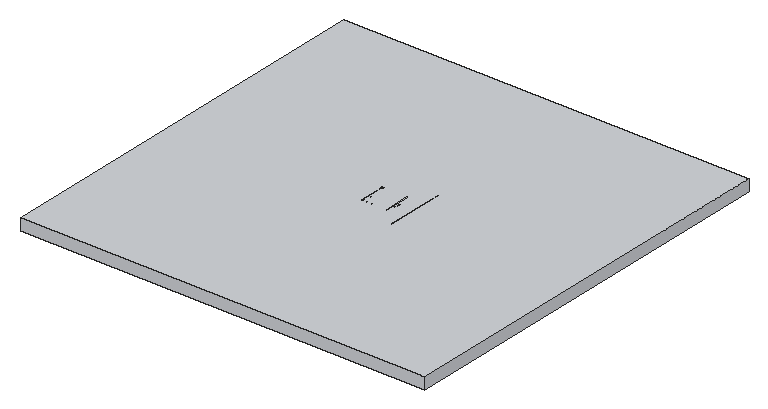
Revit family
Parameters (values of type "2"")
  WFU = 0
  URL = "WWW.MIFAB.COM"
  Strainer Width = Strainer Length  # 6.000"
  Strainer Length = 6.000"
  Strainer Adjustment [instance] = 1.940"
  Pipe Radius = Pipe Diameter / 2  # 1.000"
  Pipe Diameter = 2.000"
  Model = "F1100-C-ZS"
  Manufacturer = "MIFAB"
  HWFU = 0
  Floor Drain Material = Paint - Sherwin Williams Paint - #952C2A - Bellwood Red
  Description = "FLOOR DRAIN WITH SQUARE STRAINER AND ELASTOMERIC FLANGE"
  Default Elevation = 0.000"
  Chilled Water Radius = Chilled Water Diameter / 2  # 0.000"
  Chilled Water Diameter = 0.000"
  Body Height = 3.375"
  Assembly Code = ""
Types (6): name | Pipe Radius | Pipe Diameter | Chilled Water Radius | Chilled Water Diameter | Body Height
  (no name) | 1.000" | 2.000" | 0.000" | 0.000" | 3.375"
  2" | 1.000" | 2.000" | 0.000" | 0.000" | 3.375"
  3" | 1.500" | 3.000" | 0.000" | 0.000" | 3.375"
  4" | 2.000" | 4.000" | 0.250" | 0.500" | 3.375"
  5" | 2.500" | 5.000" | 0.000" | 0.000" | 3.375"
  6" | 3.000" | 6.000" | 0.000" | 0.000" | 4.750"
Reference planes (in)
  plane 1 "Center (Front/Back)": y = 0
  plane 2: z = 0
  plane 3 "Center (Left/Right)": x = 0
  plane 4: z = -5.315
  plane 5: z = -1.94
  plane 6: z = 0
  plane 7: y = -4
  plane 8: y = 4
  plane 9: y = 4
  plane 10: y = -4
  plane 11: y = -1
  plane 12: y = 1
  plane 13: y = -2.6
  plane 14: z = -0.125
  plane 15: x = -7
  plane 16: x = 7
  plane 17: y = 7
  plane 18: y = -7
  plane 19: z = -0.25191
  plane 20: z = -0.125
  plane 21: x = -3
  plane 22: x = 3
  plane 23: y = -3
  plane 24: y = 3
  plane 25: z = -1.94
  plane 26: z = -5.315
Forms (in)
  Extrusion 1, solid
    sketch origin (0, 0, 0) x (1, 0, 0) y (0, 1, 0)
      loop
        line (-48, 48) -> (-48, -48) -> (48, -48) -> (48, 48) -> (-48, 48)
    from 0 to -2.78092
  Revolve 2, solid, material "Paint - Sherwin Williams Paint - #952C2A - Bellwood Red" <- "Floor Drain Material"
    sketch origin (0, 0.04396, 0) x (0, 1, 0) y (0, 0, 1)
      loop
        line (-3.47522, -1.94) -> (-4.04396, -1.94) -> (-4.04396, -2.20052) -> (-3.92821, -2.20052) -> (-3.79018, -3.18267) -> (-3.67249, -3.18267) -> (-3.67249, -3.62926) -> (-1.26271, -3.82999) -> (-1.26271, -5.315) -> (-1.04396, -5.315) -> (-1.04396, -3.75062) -> (-3.47522, -3.54764) -> (-3.47522, -1.94)
      axis (-0.04396, -1.94) -> (-0.04396, -5.315)
    angle from 0 to 360
  Revolve 3, solid, material "Paint - Sherwin Williams Paint - #952C2A - Bellwood Red" <- "Floor Drain Material"
    sketch origin (0, 0, 0) x (0, 1, 0) y (0, 0, 1)
      loop
        line (-4, -1.94) -> (-2.6625, -1.94) -> (-2.6625, -1.33924) -> (-2.74848, -1.33924) -> (-2.74848, -1.69) -> (-4, -1.69) -> (-4, -1.94)
      axis (0, -1.33924) -> (0, -1.94)
    angle from 0 to 360
  Revolve 4, solid, material "Paint - Sherwin Williams Paint - #952C2A - Bellwood Red" <- "Floor Drain Material"
    sketch origin (0, 0.15, -2.13141) x (0, 1, 0) y (0, 0, 1)
      loop
        line (-2.89848, -0.36859) -> (-2.75, -0.36859) -> (-2.75, 1.8795) -> (-3.65, 1.8795) -> (-3.15, 1.3795) -> (-3.15, 0.93988) -> (-2.89848, 0.79467) -> (-2.89848, -0.36859)
      axis (-0.15, 1.8795) -> (-0.15, -0.36859)
    angle from 0 to 360
  Revolve 5, solid, material "Paint - Sherwin Williams Paint - #952C2A - Bellwood Red" <- "Floor Drain Material"
    sketch origin (0, 0, 0) x (1, 0, 0) y (0, 0, 1)
      loop
        line (-4.4739, -2.69159) -> (-2.8927, -2.69159) -> (-2.8927, -2.3478) -> (-3.81457, -2.3478) -> (-3.90837, -2.44159) -> (-4.4739, -2.44159) -> (-4.4739, -2.69159)
      axis (-2.8927, -2.69159) -> (-4.4739, -2.69159)
    angle from 0 to 360
  Extrusion 6, solid, material "Paint - Sherwin Williams Paint - #952C2A - Bellwood Red" <- "Floor Drain Material"
    sketch origin (0, 0, 0) x (1, 0, 0) y (0, 1, 0)
      loop
        line (-7, 7) -> (-7, -7) -> (7, -7) -> (7, 7) -> (-7, 7)
      loop
        line (-3, 3) -> (-3, -3) -> (3, -3) -> (3, 3) -> (-3, 3)
    from -0.25191 to -0.125
  Extrusion 7, solid, material "Paint - Sherwin Williams Paint - #952C2A - Bellwood Red" <- "Floor Drain Material"
    sketch origin (0, 0, 0) x (1, 0, 0) y (0, 1, 0)
      loop
        line (-3, 3) -> (-3, -3) -> (3, -3) -> (3, 3) -> (-3, 3)
    from -0.125 to 0
Cuts and joins
  joined: Revolve 2, Revolve 5
Lines and regions (in)
  symbolic lines
    curve 1: line (-7, 7, 0) -> (7, 7, 0)
    curve 2: line (-7, 7, 0) -> (-7, -7, 0)
    curve 3: line (7, 7, 0) -> (7, -7, 0)
    curve 4: line (-7, -7, 0) -> (7, -7, 0)
    curve 5: line (3, 3, 0) -> (-3, 3, 0)
    curve 6: line (3, -3, 0) -> (-3, -3, 0)
    curve 7: line (3, -3, 0) -> (3, 3, 0)
    curve 8: line (-3, -3, 0) -> (-3, 3, 0)
Dimensions and locks (in)
  "Body Height": plane 5 to plane 4
  "Strainer Adjustment": plane 6 to plane 5
  equal spacing: plane 8, plane 1 "Center (Front/Back)", plane 7
  equal spacing: plane 9, plane 1 "Center (Front/Back)", plane 10
  locked: plane 9 to plane 10 at 8
  equal spacing: Revolve 2, Revolve 5 sketch curve, Revolve 2
  equal spacing: plane 12, plane 1 "Center (Front/Back)", plane 11
  "Pipe Diameter": plane 12 to plane 11
  plane 1 "Center (Front/Back)" to plane 13 = 2.600"
  "Pipe Radius": plane 1 "Center (Front/Back)" to plane 11
  locked: plane 14 to Extrusion 1 at 0.125
  equal spacing: Extrusion 6 sketch curve, plane 3 "Center (Left/Right)", Extrusion 6 sketch curve
  equal spacing: plane 15, plane 3 "Center (Left/Right)", plane 16
  locked: plane 15 to plane 16 at 14
  equal spacing: plane 17, plane 1 "Center (Front/Back)", plane 18
  locked: plane 17 to plane 18 at 14
  plane 19 to Extrusion 6 = 0.12691"
  Extrusion 1 to plane 20 = 0.125"
  equal spacing: plane 21, plane 3 "Center (Left/Right)", plane 22
  locked: plane 21 to plane 22 at 6
  equal spacing: plane 24, plane 1 "Center (Front/Back)", plane 23
  locked: plane 24 to plane 23 at 6
  locked: plane 11 to Revolve 2 sketch curve at 0.21875
  Revolve 2 sketch curve to Revolve 2 sketch curve to Revolve 2 sketch curve to plane 10 = 0.19727" locked, 0.11769" locked, 0.25378" locked
  "Strainer Adjustment": level to plane 25
  "Body Height": plane 25 to plane 26
  locked: plane 25 to Revolve 4 sketch curve at 0.56
  aligned and locked: plane 2 to Extrusion 1
  aligned and locked: level to Extrusion 1
  aligned and locked: plane 5 to Revolve 2 sketch curve
  aligned and locked: Revolve 2 to Revolve 3 sketch curve
  aligned and locked: Revolve 4 sketch curve to plane 1 "Center (Front/Back)"
  aligned and locked: Revolve 3 sketch curve to Revolve 2
  aligned and locked: plane 10 to Revolve 2 sketch curve
  aligned and locked: Extrusion 1 to plane 6
  aligned and locked: Revolve 4 sketch curve to Revolve 3
  aligned and locked: plane 17 to Extrusion 6
  aligned and locked: Extrusion 6 to plane 16
  aligned and locked: plane 18 to Extrusion 6
  aligned and locked: plane 19 to Extrusion 6
  aligned and locked: Extrusion 6 to plane 20
  aligned and locked: Extrusion 6 sketch curve to plane 22
  aligned and locked: Extrusion 6 sketch curve to plane 23
  aligned and locked: plane 19 to Revolve 4 sketch curve
  aligned and locked: Revolve 4 sketch curve to plane 23
  aligned and locked: Revolve 2 sketch curve to plane 11
  aligned and locked: Extrusion 7 sketch curve to Extrusion 6  (x3)
  aligned and locked: Extrusion 7 to Extrusion 6
  aligned and locked: level to Extrusion 7
  aligned and locked: Extrusion 7 sketch curve to plane 24
  aligned and locked: Extrusion 6 sketch curve to plane 24
  aligned and locked: curve 1 to plane 17
  aligned and locked: curve 2 to plane 15
  aligned and locked: plane 16 to curve 3
  aligned and locked: plane 18 to curve 4
  aligned and locked: plane 24 to curve 5
  aligned and locked: curve 6 to plane 23
  aligned and locked: plane 22 to curve 7
  aligned and locked: curve 8 to plane 21
Automatic sketch dimensions
  Extrusion 1 sketch curve to Extrusion 1 sketch curve = 96.000"  (x2)
  Revolve 3 sketch curve to plane 1 "Center (Front/Back)" = 0.000"
  Revolve 3 sketch curve to level = 0.000"
  Revolve 3 sketch curve to Revolve 3 sketch curve = 2.08323"
  Revolve 3 sketch curve to Revolve 3 sketch curve = 0.250"
  Revolve 3 sketch curve to Revolve 3 sketch curve = 0.35076"
  Revolve 3 sketch curve to Revolve 3 sketch curve = 0.08598"
  Revolve 5 sketch curve to plane 3 "Center (Left/Right)" = 4.4739"
  Revolve 5 sketch curve to Revolve 5 sketch curve = 0.56553"
  Revolve 5 sketch curve to Revolve 5 sketch curve = 0.09379"
  Revolve 5 sketch curve to Revolve 5 sketch curve = 0.22507"
  Revolve 5 sketch curve to Revolve 5 sketch curve = 0.7906"
  Revolve 5 sketch curve to Revolve 5 sketch curve = 0.000"  (x2)
  Revolve 5 sketch curve to Revolve 5 sketch curve = 0.250"
  Revolve 5 sketch curve to Revolve 5 sketch curve = 0.34379"
  Revolve 3 sketch curve to plane 7 = 1.25152"
  Extrusion 6 sketch curve to plane 15 = 0.000"
  plane 18 to Extrusion 6 sketch curve = 0.000"
  Extrusion 6 sketch curve to plane 17 = 0.000"
  Extrusion 6 sketch curve to plane 21 = 0.000"
  Revolve 4 sketch curve to plane 13 = 0.000"
  Revolve 4 sketch curve to plane 7 = 0.500"
  Revolve 4 sketch curve to Revolve 4 sketch curve = 0.43961"
  Revolve 4 sketch curve to Revolve 4 sketch curve = 0.14522"
  Revolve 4 sketch curve to Revolve 4 sketch curve = 2.04837"
  Revolve 4 sketch curve to level = 0.05885"
  Revolve 4 sketch curve to Revolve 4 sketch curve = 0.500"
  Revolve 2 sketch curve to plane 1 "Center (Front/Back)" = 0.000"
  Revolve 2 sketch curve to plane 4 = 0.000"  (x2)
  Revolve 2 sketch curve to plane 7 = 0.11575"
  Revolve 2 sketch curve to Revolve 2 sketch curve = 1.48501"
  Revolve 2 sketch curve to Revolve 2 sketch curve = 0.07937"
  plane 4 to Revolve 2 sketch curve = 1.68574"
  Revolve 2 sketch curve to Revolve 2 sketch curve = 0.08163"
  Revolve 2 sketch curve to Revolve 2 sketch curve = 0.36497"
  Revolve 2 sketch curve to plane 5 = 0.26052"
  Revolve 2 sketch curve to plane 5 = 0.250"
Connectors (in)
  piping at (-4.4739, 0, -2.69159), driven by "HWFU", driven by "Chilled Water Radius"
    settings: on Revolve 5, index 1, connector radius 0", flow factor 0, pipe flow 0 GPM, pressure drop 0.00 psi, fitting loss kfactor 0, connector angle 0.00°, fixture units 0, flow configuration 3, flow direction 1, fitting loss method 0, system type 7, connector reference index -1, connector utility 0, adjustable connector no, is connector primary yes, fitting loss table "", connector description "Chilled Water In"
  piping at (0, 0, -5.315), driven by "Pipe Radius", driven by "WFU"
    settings: on Revolve 2, index 2, connector radius 1", flow factor 0, pipe flow 0 GPM, pressure drop 0.00 psi, fitting loss kfactor 0, connector angle 0.00°, fixture units 0, flow configuration 3, flow direction 2, fitting loss method 0, system type 16, connector reference index -1, connector utility 0, adjustable connector no, is connector primary no, fitting loss table "", connector description "Sanitary Out"
